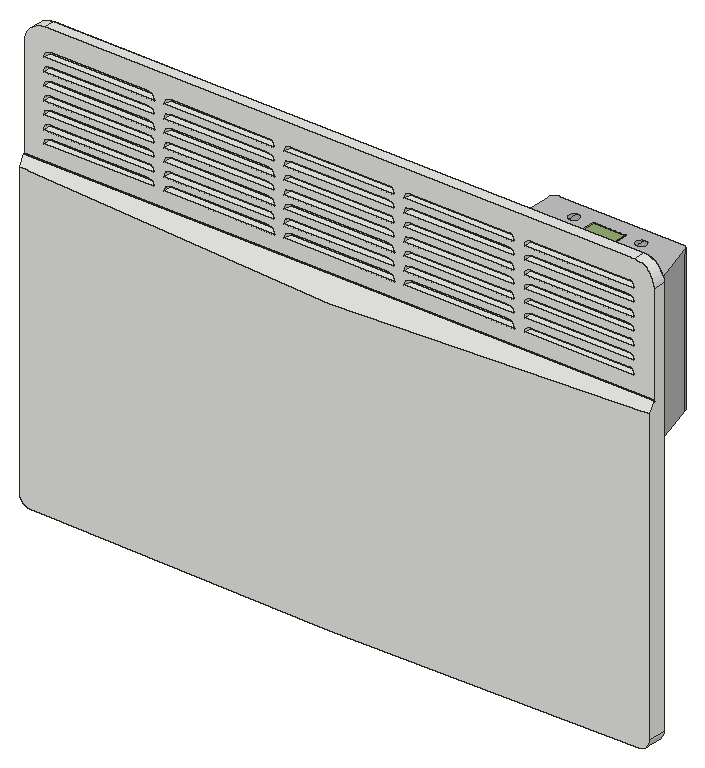
Revit family "Robuust 1500 SMART", category Generic Models, Revit 2018 (continued)
Automatic sketch dimensions
  Extrusion 164 sketch curve to plane 11 = 1 mm
  Extrusion 164 sketch curve to Extrusion 164 sketch curve = 5 mm
  Extrusion 165 sketch curve to plane 11 = 21 mm
  plane 13 to Extrusion 165 sketch curve = 148 mm
  plane 4 to Extrusion 165 sketch curve = 4 mm
  Extrusion 165 sketch curve to Extrusion 165 sketch curve = 0 mm
  Extrusion 165 sketch curve to Extrusion 165 sketch curve = 9 mm  (x2)
  Extrusion 165 sketch curve to plane 11 = 1 mm
  Extrusion 165 sketch curve to Extrusion 165 sketch curve = 5 mm
  plane 6 to Extrusion 166 sketch curve = 2 mm
  plane 3 "Center (Left/Right)" to Extrusion 166 sketch curve = 177 mm
  Extrusion 166 sketch curve to Extrusion 166 sketch curve = 9 mm
  plane 11 to Extrusion 166 sketch curve = 3 mm
  plane 6 to Extrusion 167 sketch curve = 2 mm
  plane 3 "Center (Left/Right)" to Extrusion 167 sketch curve = 189 mm
  Extrusion 167 sketch curve to Extrusion 167 sketch curve = 9 mm
  plane 11 to Extrusion 167 sketch curve = 3 mm
  plane 6 to Extrusion 168 sketch curve = 2 mm
  Extrusion 168 sketch curve to plane 14 = 190 mm
  Extrusion 168 sketch curve to Extrusion 168 sketch curve = 9 mm
  plane 11 to Extrusion 168 sketch curve = 3 mm
  plane 6 to Extrusion 169 sketch curve = 2 mm
  Extrusion 169 sketch curve to plane 14 = 178 mm
  Extrusion 169 sketch curve to Extrusion 169 sketch curve = 9 mm
  plane 11 to Extrusion 169 sketch curve = 3 mm
  plane 6 to Extrusion 170 sketch curve = 2 mm
  Extrusion 170 sketch curve to plane 14 = 166 mm
  Extrusion 170 sketch curve to Extrusion 170 sketch curve = 9 mm
  plane 11 to Extrusion 170 sketch curve = 3 mm
  Extrusion 171 sketch curve to plane 11 = 21 mm
  Extrusion 171 sketch curve to plane 14 = 166 mm
  plane 4 to Extrusion 171 sketch curve = 4 mm
  Extrusion 171 sketch curve to Extrusion 171 sketch curve = 0 mm
  Extrusion 171 sketch curve to Extrusion 171 sketch curve = 9 mm  (x2)
  Extrusion 171 sketch curve to plane 11 = 1 mm
  Extrusion 171 sketch curve to Extrusion 171 sketch curve = 5 mm
  Extrusion 172 sketch curve to plane 11 = 21 mm
  Extrusion 172 sketch curve to plane 14 = 178 mm
  plane 4 to Extrusion 172 sketch curve = 4 mm
  Extrusion 172 sketch curve to Extrusion 172 sketch curve = 0 mm
  Extrusion 172 sketch curve to Extrusion 172 sketch curve = 9 mm  (x2)
  Extrusion 172 sketch curve to plane 11 = 1 mm
  Extrusion 172 sketch curve to Extrusion 172 sketch curve = 5 mm
  Extrusion 173 sketch curve to plane 11 = 21 mm
  Extrusion 173 sketch curve to plane 14 = 190 mm
  plane 4 to Extrusion 173 sketch curve = 4 mm
  Extrusion 173 sketch curve to Extrusion 173 sketch curve = 0 mm
  Extrusion 173 sketch curve to Extrusion 173 sketch curve = 9 mm  (x2)
  Extrusion 173 sketch curve to plane 11 = 1 mm
  Extrusion 173 sketch curve to Extrusion 173 sketch curve = 5 mm
  Extrusion 174 sketch curve to plane 11 = 21 mm
  plane 3 "Center (Left/Right)" to Extrusion 174 sketch curve = 189 mm
  plane 4 to Extrusion 174 sketch curve = 4 mm
  Extrusion 174 sketch curve to Extrusion 174 sketch curve = 0 mm
  Extrusion 174 sketch curve to Extrusion 174 sketch curve = 9 mm  (x2)
  Extrusion 174 sketch curve to plane 11 = 1 mm
  Extrusion 174 sketch curve to Extrusion 174 sketch curve = 5 mm
  Extrusion 175 sketch curve to plane 11 = 21 mm
  plane 3 "Center (Left/Right)" to Extrusion 175 sketch curve = 177 mm
  plane 4 to Extrusion 175 sketch curve = 4 mm
  Extrusion 175 sketch curve to Extrusion 175 sketch curve = 0 mm
  Extrusion 175 sketch curve to Extrusion 175 sketch curve = 9 mm  (x2)
  Extrusion 175 sketch curve to plane 11 = 1 mm
  Extrusion 175 sketch curve to Extrusion 175 sketch curve = 5 mm
  Extrusion 71 sketch curve to plane 15 = 0 mm
  Extrusion 71 sketch curve to plane 3 "Center (Left/Right)" = 0 mm
  Extrusion 71 sketch curve to plane 16 = 0 mm
  plane 5 to Extrusion 71 sketch curve = 10 mm
  Extrusion 71 sketch curve to plane 5 = 6 mm
  Extrusion 71 sketch curve to plane 1 "Center (Front/Back)" = 8850.333 mm
Nested families
  nested 1: "Family1" at (-140.5, -31, -2), type "Family1"
  nested 2: "Family1" at (130.5, -31, -2), type "Family1"
Connectors
  electrical at (269.5, -33.075, 267), driven by "Phase", driven by "Voltage", driven by "Power (default)"
    settings: on cut or joined group of Extrusion 100, Extrusion 101, Extrusion 105, Extrusion 106, Extrusion 107, Extrusion 108, Extrusion 109, Extrusion 110, Extrusion 111, Extrusion 112, Extrusion 113, Extrusion 114, Extrusion 115, Extrusion 116, Extrusion 117, Extrusion 118, Extrusion 119, Extrusion 120, Extrusion 121, Extrusion 122, Extrusion 123, Extrusion 124, Extrusion 125, Extrusion 126, Extrusion 127, Extrusion 128, Extrusion 129, Extrusion 130, Extrusion 131, Extrusion 132, Extrusion 133, Extrusion 134, Extrusion 135, Extrusion 136, Extrusion 137, Extrusion 138, Extrusion 139, Extrusion 140, Extrusion 141, Extrusion 142, Extrusion 143, index 1, voltage 230 V, apparent load 1500 VA, apparent load phase1 0 VA, apparent load phase2 0 VA, apparent load phase3 0 VA, power factor 1, load classification "Other", number of poles 1, system type 30, power factor state 1, is connector primary yes, connector utility no, sub classification motor no, connector description ""
Definition of nested family "Family1"
  Parameters (values of type "Family1")
    Lacquer = none
  Reference planes
    plane 1 "Center (Front/Back)": y = 0
    plane 2: z = 0
    plane 3 "Center (Left/Right)": x = 0
  Forms (mm)
    Extrusion 1, solid, material <- "Lacquer"
      sketch origin (90, 31, 0) x (0, 1, 0) y (0, 0, 1)
        loop
          line (-30, 272) -> (-30, 260) -> (-28, 260) -> (-28, 272)
          arc (-28, 272) -> (-27.707, 272.707) -> (-27, 273) r 1
          line (-27, 273) -> (-3, 273)
          arc (-3, 273) -> (-2.293, 272.707) -> (-2, 272) r 1
          line (-2, 272) -> (-2, 76.062)
          arc (-2, 76.062) -> (-2.067, 75.549) -> (-2.264, 75.07) r 2
          line (-2.264, 75.07) -> (-24.873, 35.504)
          arc (-24.873, 35.504) -> (-25.239, 35.135) -> (-25.741, 35) r 1
          line (-25.741, 35) -> (-31, 35) -> (-31, 33) -> (-25.741, 33)
          arc (-25.741, 33) -> (-24.235, 33.405) -> (-23.136, 34.512) r 3
          line (-23.136, 34.512) -> (-0.527, 74.078)
          arc (-0.527, 74.078) -> (-0.134, 75.036) -> (0, 76.062) r 4
          line (0, 76.062) -> (0, 272)
          arc (0, 272) -> (-0.879, 274.121) -> (-3, 275) r 3
          line (-3, 275) -> (-27, 275)
          arc (-27, 275) -> (-29.121, 274.121) -> (-30, 272) r 3
      from -100 to -80
    Extrusion 2, void
      sketch origin (90, 31, 0) x (1, 0, 0) y (0, 0, 1)
        loop
          arc (-87, 246) -> (-90, 249) -> (-93, 246) r 3
          line (-93, 246) -> (-93, 242)
          arc (-93, 242) -> (-90, 239) -> (-87, 242) r 3
          line (-87, 242) -> (-87, 246)
        loop
          arc (-87, 96) -> (-90, 99) -> (-93, 96) r 3
          line (-93, 96) -> (-93, 92)
          arc (-93, 92) -> (-90, 89) -> (-87, 92) r 3
          line (-87, 92) -> (-87, 96)
        loop
          line (-87.5, 209) -> (-92.5, 209) -> (-91.8, 200.6)
          arc (-91.8, 200.6) -> (-90, 198.944) -> (-88.2, 200.6) r 1.806
          line (-88.2, 200.6) -> (-87.5, 209)
      from 0 to 3.5
    Extrusion 3, void
      sketch origin (90, 31, 0) x (1, 0, 0) y (0, 0, 1)
        loop
          line (-88.5, 275) -> (-91.5, 275) -> (-91.5, 268.5)
          arc (-91.5, 268.5) -> (-90, 267) -> (-88.5, 268.5) r 1.5
          line (-88.5, 268.5) -> (-88.5, 275)
      from 0 to 20
    Extrusion 4, solid, material <- "Lacquer"
      sketch origin (-90, 31, 0) x (1, 0, 0) y (0, 0, 1)
        loop
          line (87.333, 211) -> (88.2, 200.6)
          arc (88.2, 200.6) -> (90, 198.944) -> (91.8, 200.6) r 1.806
          line (91.8, 200.6) -> (92.667, 211) -> (87.333, 211)
      from 2 to 5
  Cuts and joins
    Extrusion 2, Extrusion 3 cuts Extrusion 1
    Extrusion 2 cuts Extrusion 4
    joined: Extrusion 1, Extrusion 4
  Dimensions and locks
    aligned and locked: level to plane 2
